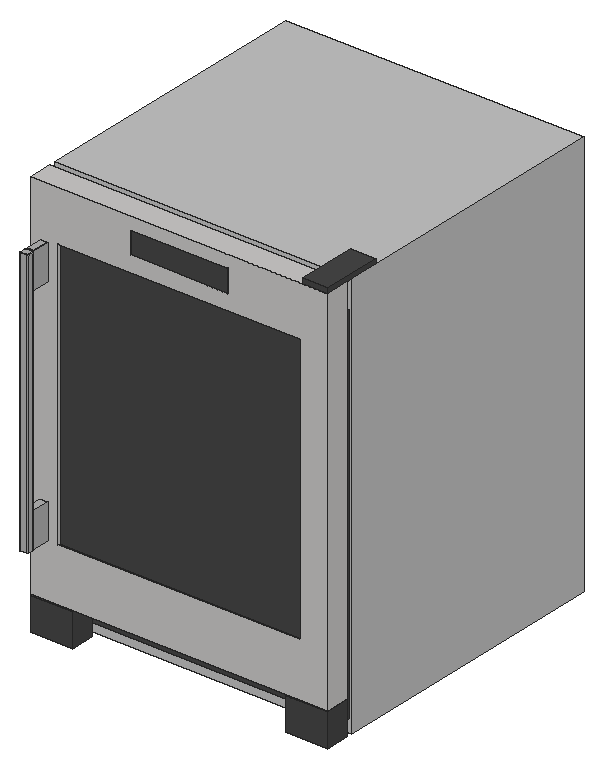
Revit family "FP_Revit_18_RF365RDWX1_Wine_Cabinets_90001126A", category Specialty Equipment, Revit 2018
Family settings
  Round Connector Dimension = Use Diameter
  Part Type = Normal
  OmniClass Number = 23.40.40.11.11.17
  OmniClass Title = Refrigerator-Freezer
  Work Plane-Based = No
  Always vertical = Yes
  Cut with Voids When Loaded = Yes
  Shared = No
  Room Calculation Point = No
Parameters (values of type "RF106RDWX1")
  Visibility - Clearance Required = yes
  URL = "www.fisherpaykel.com"
  Product - Width = 595 mm  # constant formula
  Product - Height = 825 mm
  Product - Depth = 690 mm  # constant formula
  Model = "RF106RDWX1"
  Material - Trim = Fisher & Paykel - Black
  Material - Handle = Fisher & Paykel - Aluminium
  Material - Door Glass = Fisher & Paykel - Black
  Material - Door Front = Fisher & Paykel - Stainless Steel
  Material - Body = Fisher & Paykel - Grey
  Manufacturer = "Fisher & Paykel Appliances"
  Description = "Wine Cabinet - 50 Bottle Dual Zone"
  Connector Description - Electrical = "230 V, 15 A, fused electrical supply"
  Cavity - Width = 635 mm  # constant formula
  Cavity - Height = 875 mm
  Cavity - Depth = 669 mm  # constant formula
Types (5, lengths in mm): name | Product - Height | Model | Description | Cavity - Height
  (no name) | 825 | "RF106RDWX1" | "Wine Cabinet - 50 Bottle Dual Zone" | 875
  RF106RDWX1 | 825 | "RF106RDWX1" | "Wine Cabinet - 50 Bottle Dual Zone" | 875
  RF206RDWX1 | 1270 | "RF206RDWX1" | "Wine Cabinet - 83 Bottle Dual Zone" | 1320
  RF306RDWX1 | 1660 | "RF306RDWX1" | "Wine Cabinet - 127 Bottle Dual Zone" | 1710
  RF365RDWX1 | 1855 | "RF356RDWX1" | "Wine Cabinet - 144 Bottle Dual Zone" | 1905
Reference planes
  plane 1 "Datum": y = 0
  plane 2: z = 0
  plane 3 "Center (Left/Right)": x = 0
  plane 4 "Product LHS": x = -297.5
  plane 5 "Product RHS": x = 297.5
  plane 6 "Product - Depth": y = 639
  plane 7 "Cavity LHS": x = -317.5
  plane 8 "Cavity RHS": x = 317.5
  plane 9 "Cavity - Depth": y = 669
  plane 10 "Product Height": z = 825
  plane 11 "Cavity Height": z = 875
  plane 12 "Handle": y = -51
  plane 13 "Chassis Front": y = 60
  plane 14 "Chassis Bottom": z = 25
Forms (mm)
  Extrusion 1, solid, material "Fisher & Paykel - Grey" <- "Material - Body"
    sketch origin (0, 0, 0) x (1, 0, 0) y (0, 1, 0)
      loop
        line (-297.5, 639) -> (-297.5, 60) -> (297.5, 60) -> (297.5, 639) -> (-297.5, 639)
    from 0 to 815
  Extrusion 2, solid, material "Fisher & Paykel - Stainless Steel" <- "Material - Door Front"
    sketch origin (0, 0, 0) x (1, 0, 0) y (0, 0, 1)
      loop
        line (297.5, 815) -> (-297.5, 815) -> (-297.5, 67) -> (297.5, 67) -> (297.5, 815)
      loop
        line (-242.5, 175) -> (242.5, 175) -> (242.5, 715) -> (-242.5, 715) -> (-242.5, 175)
      loop
        line (-97.5, 790) -> (-97.5, 745) -> (97.5, 745) -> (97.5, 790) -> (-97.5, 790)
    from -48 to 0
  Extrusion 3, solid, material "Fisher & Paykel - Black" <- "Material - Trim"
    sketch origin (0, 0, 0) x (1, 0, 0) y (0, 1, 0)
      loop
        line (247.5, 120) -> (247.5, 0) -> (297.5, 0) -> (297.5, 120) -> (247.5, 120)
    from 815 to 825
  Extrusion 4, solid, material "Fisher & Paykel - Black" <- "Material - Trim"
    sketch origin (0, 0, 0) x (1, 0, 0) y (0, 0, 1)
      loop
        line (-212.5, 65) -> (-297.5, 65) -> (-297.5, 0) -> (-212.5, 0) -> (-212.5, 65)
      loop
        line (212.5, 65) -> (212.5, 0) -> (297.5, 0) -> (297.5, 65) -> (212.5, 65)
    from -48 to 0
  Extrusion 5, solid, material "Fisher & Paykel - Black" <- "Material - Trim"
    sketch origin (0, 0, 0) x (1, 0, 0) y (0, 0, 1)
      loop
        line (-291.5, 25) -> (291.5, 25) -> (291.5, 757) -> (-291.5, 757) -> (-291.5, 25)
    from -60 to -48
  Extrusion 6, solid, material "Fisher & Paykel - Black" <- "Material - Door Glass"
    sketch origin (0, 0, 0) x (1, 0, 0) y (0, 0, 1)
      loop
        line (-242.5, 715) -> (-242.5, 175) -> (242.5, 175) -> (242.5, 715) -> (-242.5, 715)
    from -8 to -4
  Extrusion 7, solid, material "Fisher & Paykel - Black" <- "Material - Door Glass"
    sketch origin (0, 0, 0) x (1, 0, 0) y (0, 0, 1)
      loop
        line (-97.5, 790) -> (-97.5, 745) -> (97.5, 745) -> (97.5, 790) -> (-97.5, 790)
    from -48 to 0
  Extrusion 8, solid, material "Fisher & Paykel - Aluminium" <- "Material - Handle"
    sketch origin (0, 0, 0) x (1, 0, 0) y (0, 1, 0)
      loop
        line (-277.7, 0) -> (-277.7, -37.713)
        arc (-277.7, -37.713) -> (-269.991, -35.078) -> (-262.287, -37.726) r 12.561
        line (-262.287, -37.726) -> (-262.287, 0) -> (-277.7, 0)
    from 640 to 710
  Extrusion 9, solid, material "Fisher & Paykel - Aluminium" <- "Material - Handle"
    sketch origin (0, 0, 0) x (1, 0, 0) y (0, 1, 0)
      loop
        line (-277.7, 0) -> (-277.7, -37.713)
        arc (-277.7, -37.713) -> (-269.991, -35.078) -> (-262.287, -37.726) r 12.561
        line (-262.287, -37.726) -> (-262.287, 0) -> (-277.7, 0)
    from 175 to 245
  Extrusion 10, solid, material "Fisher & Paykel - Aluminium" <- "Material - Handle"
    sketch origin (0, 0, 0) x (1, 0, 0) y (0, 1, 0)
      loop
        arc (-278, -49.5) -> (-277.561, -50.561) -> (-276.5, -51) r 1.5
        line (-276.5, -51) -> (-263.497, -51)
        arc (-263.497, -51) -> (-262.437, -50.561) -> (-261.997, -49.5) r 1.5
        line (-261.997, -49.5) -> (-261.997, -38.512)
        arc (-261.997, -38.512) -> (-262.102, -38.066) -> (-262.395, -37.714) r 1
        arc (-262.395, -37.714) -> (-269.998, -35.168) -> (-277.602, -37.712) r 12.632
        arc (-277.602, -37.712) -> (-277.895, -38.065) -> (-278, -38.511) r 1
        line (-278, -38.511) -> (-278, -49.5)
    from 175 to 710
  Extrusion 11, solid, material "Fisher & Paykel - Black"
    sketch origin (0, 0, 0) x (0, 1, 0) y (0, 0, 1)
      loop
        arc (556.482, 25) -> (575.882, 0) -> (595.282, 25) r 20.027
        line (595.282, 25) -> (556.482, 25)
    from 265 to 280
  Extrusion 12, solid, material "Fisher & Paykel - Black"
    sketch origin (0, 0, 0) x (0, 1, 0) y (0, 0, -1)
      loop
        line (556.482, -25) -> (595.282, -25)
        arc (595.282, -25) -> (575.882, 0) -> (556.482, -25) r 20.027
    from 265 to 280
  Extrusion 13, solid, material "Fisher & Paykel - Black"
    sketch origin (0, 0, 0) x (1, 0, 0) y (0, 1, 0)
      loop
        circle (255, 30) r 6
      loop
        circle (-255, 30) r 6
    from 12.002 to 25
  Extrusion 14, solid, material "Fisher & Paykel - Black"
    sketch origin (0, 0, 0) x (1, 0, 0) y (0, 1, 0)
      loop
        circle (255, 30) r 18
      loop
        circle (-255, 30) r 18
    from 0 to 12.002
  Sweep 15, void
    path in 3D
      loop
        line (-278, -38.511, 710) -> (-278, -49.5, 710)
        arc (-278, -49.5, 710) -> (-277.561, -50.561, 710) -> (-276.5, -51, 710) r 1.5
        line (-276.5, -51, 710) -> (-263.497, -51, 710)
        arc (-263.497, -51, 710) -> (-262.437, -50.561, 710) -> (-261.997, -49.5, 710) r 1.5
        line (-261.997, -49.5, 710) -> (-261.997, -38.512, 710)
    profile origin (-261.997, -44.006, 710) x (-1, 0, 0) y (0, 0, 1)
      loop
        line (0, 0) -> (0, -1.2) -> (1.2, 0) -> (0, 0)
  Extrusion 16, void
    sketch origin (0, 0, 0) x (1, 0, 0) y (0, 0, 1)
      loop
        line (-278, 708.8) -> (-276.8, 710) -> (-278, 710) -> (-278, 708.8)
      loop
        line (-263.197, 710) -> (-261.997, 708.8) -> (-261.997, 710) -> (-263.197, 710)
    from 0 to 40.424
  Extrusion 17, solid, material "Fisher & Paykel - Black"
    sketch origin (0, 0, 0) x (1, 0, 0) y (0, 0, 1)
      loop
        circle (253.548, 71.191) r 4
    from -669 to -639
  Extrusion 18, solid, material "Fisher & Paykel - Clearance Required", detail levels coarse
    sketch origin (0, 0, 0) x (1, 0, 0) y (0, 1, 0)
      loop
        arc (-297.5, 0) -> (-37.229, -469.388) -> (497.55, -514.976) r 570.5
        line (497.55, -514.976) -> (493.821, -505.04) -> (532.205, -490.634) -> (526.582, -475.653) -> (488.198, -490.06) -> (304.266, 0) -> (297.5, 0) -> (-297.5, 0)
    from 0 to 825
  Extrusion 19, solid, material "Fisher & Paykel - Clearance Required", detail levels coarse
    sketch origin (0, 0, 0) x (1, 0, 0) y (0, 1, 0)
      loop
        line (-297.5, 669) -> (-297.5, 0) -> (297.5, 0) -> (297.5, 669) -> (-297.5, 669)
    from 0 to 875
  Extrusion 20, void
    sketch origin (0, 0, 0) x (1, 0, 0) y (0, 1, 0)
      loop
        line (-297.5, 669) -> (-297.5, 0) -> (297.5, 0) -> (297.5, 669) -> (-297.5, 669)
    from 0 to 875
Cuts and joins
  Sweep 15, Extrusion 16 cuts Extrusion 10
  Extrusion 16 cuts Extrusion 1
  Extrusion 16 cuts Extrusion 8
Lines and regions (mm)
  sketch lines
    curve 1: line (-261.997, -49.5, 710) -> (-261.997, -38.512, 710)
    curve 2: arc (-261.997, -49.5, 710) -> (-262.437, -50.561, 710) -> (-263.497, -51, 710) r 1.5
    curve 3: line (-276.5, -51, 710) -> (-263.497, -51, 710)
    curve 4: arc (-276.5, -51, 710) -> (-277.561, -50.561, 710) -> (-278, -49.5, 710) r 1.5
    curve 5: line (-278, -38.511, 710) -> (-278, -49.5, 710)
Text (mm)
  text "Due to ongoing product development, product details are subject to change without notice. \nPlease always refer to www.fisherpaykel.com for the most current product information. \n© Fisher & Paykel 2020" at (41.04, -727.765, 0), in view "Ref. Level (Plan)"
Dimensions and locks
  equal spacing: plane 4 "Product LHS", plane 3 "Center (Left/Right)", plane 5 "Product RHS"
  "Product - Width": plane 4 "Product LHS" to plane 5 "Product RHS"
  equal spacing: plane 7 "Cavity LHS", plane 3 "Center (Left/Right)", plane 8 "Cavity RHS"
  "Cavity - Width": plane 7 "Cavity LHS" to plane 8 "Cavity RHS"
  "Product - Height": level to plane 10 "Product Height"
  "Cavity - Height": plane 11 "Cavity Height" to level
  locked: plane 12 "Handle" to plane 1 "Datum" at 51
  "Cavity - Depth": plane 1 "Datum" to plane 9 "Cavity - Depth"
  "Product - Depth": plane 6 "Product - Depth" to plane 12 "Handle"
  locked: plane 1 "Datum" to plane 13 "Chassis Front" at 60
  locked: Extrusion 1 to plane 10 "Product Height" at 10
  locked: Extrusion 14 to level at 12.002
  plane 14 "Chassis Bottom" to level = 25 mm
  locked: plane 14 "Chassis Bottom" to Extrusion 11 at 25
  locked: Extrusion 4 to plane 14 "Chassis Bottom" at 40
  locked: Extrusion 2 to plane 14 "Chassis Bottom" at 42
  locked: Extrusion 2 to plane 14 "Chassis Bottom" at 150
  locked: Extrusion 7 to plane 10 "Product Height" at 35
  locked: Extrusion 7 to plane 10 "Product Height" at 80
  locked: Extrusion 10 to plane 10 "Product Height" at 115
  locked: Extrusion 8 to Extrusion 8 at 70
  locked: Extrusion 9 to Extrusion 9 at 70
  locked: Extrusion 5 to plane 10 "Product Height" at 68
  locked: Extrusion 2 to Extrusion 6 at 100
  locked: Extrusion 18 to Extrusion 2 at 110
  aligned and locked: level to plane 2
  aligned and locked: Extrusion 1 sketch curve to plane 4 "Product LHS"
  aligned and locked: Extrusion 1 sketch curve to plane 6 "Product - Depth"
  aligned and locked: Extrusion 1 sketch curve to plane 5 "Product RHS"
  aligned and locked: Extrusion 1 sketch curve to plane 13 "Chassis Front"
  aligned and locked: Extrusion 3 to plane 10 "Product Height"
  aligned and locked: plane 4 "Product LHS" to Extrusion 4 sketch curve
  aligned and locked: plane 5 "Product RHS" to Extrusion 4 sketch curve
  aligned and locked: plane 1 "Datum" to Extrusion 4
  aligned and locked: Extrusion 10 sketch curve to plane 12 "Handle"
  aligned and locked: Extrusion 14 to level
  aligned and locked: Extrusion 4 to Extrusion 1  (x2)
  aligned and locked: Extrusion 9 to Extrusion 2
  aligned and locked: Extrusion 10 to Extrusion 2
  aligned and locked: Extrusion 8 to Extrusion 10
  aligned and locked: Extrusion 3 to Extrusion 1
  aligned and locked: Extrusion 16 to Extrusion 2
  aligned and locked: Extrusion 18 to Extrusion 4
  aligned and locked: Extrusion 18 to plane 10 "Product Height"
  aligned and locked: Extrusion 19 sketch curve to plane 5 "Product RHS"
  aligned and locked: Extrusion 19 sketch curve to plane 9 "Cavity - Depth"
  aligned and locked: Extrusion 19 sketch curve to plane 4 "Product LHS"
  aligned and locked: Extrusion 19 sketch curve to plane 1 "Datum"
  aligned and locked: Extrusion 19 to level
  aligned and locked: Extrusion 19 to plane 11 "Cavity Height"
  aligned and locked: Extrusion 18 to Extrusion 14
  aligned and locked: Extrusion 4 to Extrusion 2
  aligned and locked: Extrusion 5 to Extrusion 11
  aligned and locked: Extrusion 20 to Extrusion 19
  aligned and locked: Extrusion 20 to level
Automatic sketch dimensions
  plane 4 "Product LHS" to Extrusion 2 sketch curve = 0 mm
  plane 5 "Product RHS" to Extrusion 2 sketch curve = 0 mm
  Extrusion 2 sketch curve to plane 4 "Product LHS" = 55 mm
  plane 10 "Product Height" to Extrusion 2 sketch curve = 35 mm
  Extrusion 2 sketch curve to plane 3 "Center (Left/Right)" = 97.5 mm
  plane 3 "Center (Left/Right)" to Extrusion 2 sketch curve = 97.5 mm
  plane 5 "Product RHS" to Extrusion 2 sketch curve = 55 mm
  Extrusion 2 sketch curve to Extrusion 2 sketch curve = 45 mm
  plane 10 "Product Height" to Extrusion 2 sketch curve = 110 mm
  plane 14 "Chassis Bottom" to Extrusion 2 sketch curve = 150 mm
  plane 14 "Chassis Bottom" to Extrusion 2 sketch curve = 42 mm
  plane 10 "Product Height" to Extrusion 2 sketch curve = 10 mm
  plane 1 "Datum" to Extrusion 3 sketch curve = 0 mm
  Extrusion 3 sketch curve to plane 5 "Product RHS" = 0 mm
  Extrusion 3 sketch curve to Extrusion 3 sketch curve = 50 mm
  Extrusion 3 sketch curve to plane 1 "Datum" = 120 mm
  Extrusion 4 sketch curve to level = 0 mm  (x2)
  Extrusion 4 sketch curve to plane 4 "Product LHS" = 85 mm
  plane 14 "Chassis Bottom" to Extrusion 4 sketch curve = 40 mm  (x2)
  plane 5 "Product RHS" to Extrusion 4 sketch curve = 85 mm
  Extrusion 5 sketch curve to plane 4 "Product LHS" = 6 mm
  plane 5 "Product RHS" to Extrusion 5 sketch curve = 6 mm
  Extrusion 5 sketch curve to plane 14 "Chassis Bottom" = 0 mm
  plane 10 "Product Height" to Extrusion 5 sketch curve = 68 mm
  Extrusion 6 sketch curve to plane 4 "Product LHS" = 55 mm
  plane 5 "Product RHS" to Extrusion 6 sketch curve = 55 mm
  plane 14 "Chassis Bottom" to Extrusion 6 sketch curve = 150 mm
  plane 10 "Product Height" to Extrusion 6 sketch curve = 110 mm
  Extrusion 7 sketch curve to plane 3 "Center (Left/Right)" = 97.5 mm
  plane 3 "Center (Left/Right)" to Extrusion 7 sketch curve = 97.5 mm
  plane 10 "Product Height" to Extrusion 7 sketch curve = 80 mm
  plane 10 "Product Height" to Extrusion 7 sketch curve = 35 mm
  plane 1 "Datum" to Extrusion 8 sketch curve = 0 mm
  Extrusion 8 sketch curve to plane 4 "Product LHS" = 19.8 mm
  Extrusion 8 sketch curve to plane 12 "Handle" = 3.361 mm
  Extrusion 8 sketch curve to Extrusion 8 sketch curve = 7.698 mm
  Extrusion 8 sketch curve to Extrusion 8 sketch curve = 7.715 mm
  Extrusion 8 sketch curve to Extrusion 8 sketch curve = 9.913 mm
  plane 1 "Datum" to Extrusion 9 sketch curve = 0 mm
  Extrusion 9 sketch curve to plane 4 "Product LHS" = 19.8 mm
  Extrusion 9 sketch curve to plane 12 "Handle" = 3.361 mm
  Extrusion 9 sketch curve to Extrusion 9 sketch curve = 7.698 mm
  Extrusion 9 sketch curve to Extrusion 9 sketch curve = 7.715 mm
  Extrusion 9 sketch curve to Extrusion 9 sketch curve = 9.913 mm
  Extrusion 10 sketch curve to plane 12 "Handle" = 1.5 mm  (x2)
  Extrusion 10 sketch curve to plane 4 "Product LHS" = 19.5 mm
  Extrusion 10 sketch curve to Extrusion 10 sketch curve = 1 mm  (x2)
  Extrusion 10 sketch curve to plane 12 "Handle" = 3.2 mm
  Extrusion 10 sketch curve to Extrusion 10 sketch curve = 6.5 mm
  Extrusion 10 sketch curve to Extrusion 10 sketch curve = 6.502 mm
  Extrusion 10 sketch curve to Extrusion 10 sketch curve = 10.988 mm
  Extrusion 10 sketch curve to Extrusion 10 sketch curve = 10.989 mm
  Extrusion 10 sketch curve to Extrusion 10 sketch curve = 0 mm
  Extrusion 11 sketch curve to plane 14 "Chassis Bottom" = 0 mm
  Extrusion 11 sketch curve to plane 6 "Product - Depth" = 82.518 mm
  Extrusion 11 sketch curve to plane 14 "Chassis Bottom" = 4.973 mm
  Extrusion 11 sketch curve to Extrusion 11 sketch curve = 19.4 mm
  Extrusion 12 sketch curve to plane 14 "Chassis Bottom" = 0 mm
  Extrusion 12 sketch curve to plane 6 "Product - Depth" = 82.518 mm
  Extrusion 12 sketch curve to plane 14 "Chassis Bottom" = 4.973 mm
  Extrusion 12 sketch curve to Extrusion 12 sketch curve = 19.4 mm
  Extrusion 13 sketch curve to plane 4 "Product LHS" = 42.5 mm
  plane 5 "Product RHS" to Extrusion 13 sketch curve = 42.5 mm
  Extrusion 13 sketch curve to plane 1 "Datum" = 30 mm  (x2)
  Extrusion 14 sketch curve to plane 4 "Product LHS" = 42.5 mm
  plane 5 "Product RHS" to Extrusion 14 sketch curve = 42.5 mm
  Extrusion 14 sketch curve to plane 1 "Datum" = 30 mm  (x2)
  Sweep 15 sketch curve to profile plane = 0 mm  (x2)
  Sweep 15 sketch curve to profile plane = 1.2 mm  (x2)
  Extrusion 16 sketch curve to plane 4 "Product LHS" = 19.5 mm
  Extrusion 16 sketch curve to Extrusion 16 sketch curve = 1.2 mm  (x4)
  Extrusion 16 sketch curve to Extrusion 16 sketch curve = 13.603 mm
  plane 10 "Product Height" to Extrusion 16 sketch curve = 116.2 mm
  Extrusion 16 sketch curve to Extrusion 16 sketch curve = 0 mm
  plane 5 "Product RHS" to Extrusion 17 sketch curve = 43.952 mm
  plane 14 "Chassis Bottom" to Extrusion 17 sketch curve = 46.191 mm
  plane 1 "Datum" to Extrusion 18 sketch curve = 0 mm
  Extrusion 18 sketch curve to plane 4 "Product LHS" = 0 mm
  Extrusion 18 sketch curve to plane 5 "Product RHS" = 0 mm
  Extrusion 18 sketch curve to plane 1 "Datum" = 9.441 mm
  plane 5 "Product RHS" to Extrusion 18 sketch curve = 24.578 mm
  Extrusion 18 sketch curve to Extrusion 18 sketch curve = 6.766 mm
  Extrusion 18 sketch curve to plane 8 "Cavity RHS" = 170.698 mm
  Extrusion 18 sketch curve to Extrusion 18 sketch curve = 5.623 mm
  plane 1 "Datum" to Extrusion 18 sketch curve = 514.976 mm
  Extrusion 18 sketch curve to Extrusion 18 sketch curve = 38.384 mm
  plane 1 "Datum" to Extrusion 18 sketch curve = 490.634 mm
  plane 1 "Datum" to Extrusion 20 sketch curve = 0 mm
  Extrusion 20 sketch curve to plane 4 "Product LHS" = 0 mm
  Extrusion 20 sketch curve to plane 5 "Product RHS" = 0 mm
  Extrusion 20 sketch curve to plane 9 "Cavity - Depth" = 0 mm
  radius of Extrusion 13 sketch curve = 6 mm  (x2)
  radius of Extrusion 14 sketch curve = 18 mm  (x2)
  radius of Extrusion 17 sketch curve = 4 mm
Connectors
  electrical at (253.548, 669, 71.191), driven by "Connector Description - Electrical"
    settings: on Extrusion 17, index 1, voltage 230 V, apparent load 0 VA, apparent load phase1 0 VA, apparent load phase2 0 VA, apparent load phase3 0 VA, power factor 1, load classification "Other", number of poles 1, system type 30, power factor state 1, is connector primary yes, connector utility no, sub classification motor no, connector description "230 V, 15 A, fused electrical supply"
